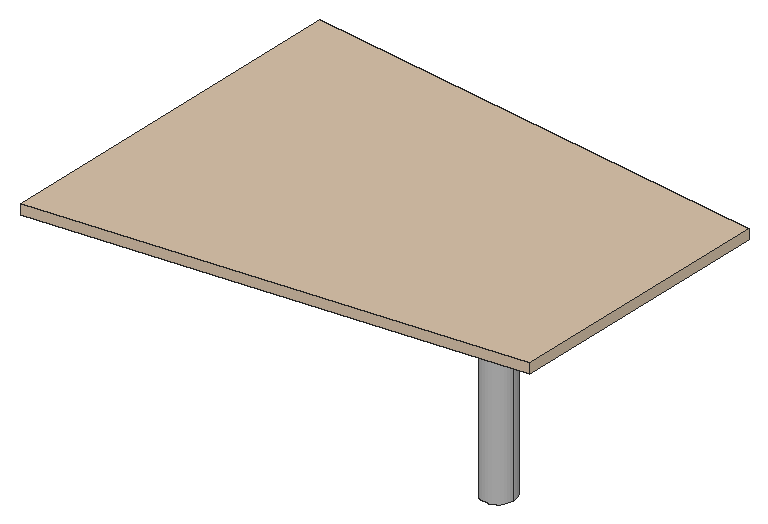
Revit family "Haworth_Masters_Desk_KeystoneFull", category Furniture Systems, Revit 2018
Family settings
  Round Connector Dimension = Use Diameter
  Part Type = Normal
  OmniClass Number = 23.40.70.14.64.21
  OmniClass Title = Systems Furniture
  Work Plane-Based = No
  Always vertical = Yes
  Cut with Voids When Loaded = No
  Shared = No
  Room Calculation Point = No
Parameters (values of type "48d 60w")
  Worksurface Finish = Haworth _ Wood _ White Oak
  Warranty = "http://www.haworth.com/resources/product-info/warranties"
  URL - Product = "http://www.haworth.com/products/desks/freestanding/masters-series"
  Support Position Right = 12"  # constant formula
  Support Position Left = Actual Depth Large / 2  # 24"
  Post Position = 18"  # constant formula
  Support Position = 13"  # constant formula
  Stanchions = yes
  Sustainability Info = "http://www.haworth.com/company-info/sustainablility"
  Support Height = 22 3/4"  # constant formula
  Post Finish = Haworth _ Paint _ Metallic Champagne
  Model = "Haworth - Masters Desk - Keystone - Full"  # constant formula
  Width = 60"
  URL = "www.haworth.com"
  Size = "Verify Final Dim. w/ Haworth"  # constant formula
  Revision Number = "2"  # constant formula
  Min. Width = 60"  # constant formula
  Min. Depth = 42"  # constant formula
  Max. Width = 72"  # constant formula
  Max. Depth = 48"  # constant formula
  Manufacturer = "Haworth"  # constant formula
  Edge Finish = Haworth _ Wood _ White Oak
  Description = "Haworth - Masters Desk - Keystone - Full"  # constant formula
  Depth Small Offset = 6 1/2"  # constant formula
  Depth Large = 48"
  Custom Size = not(and(Width = 60", Depth Large = 48"))  # no
  Column Support = yes
  Author = "Haworth (Hampton)"  # constant formula
  Assembly Code = "E2020200"
  Actual Width = if(Width < Min. Width, Min. Width, if(Width > Max. Width, Max. Width, Width))  # 60"
  Actual Height = 29 1/8"  # constant formula
  Standard Sizes = "48x60 in."  # constant formula
  Actual Depth Large = if(Depth Large < Min. Depth, Min. Depth, if(Depth Large > Max. Depth, Max. Depth, Depth Large))  # 48"
Reference planes (in)
  plane 1 "Back": y = -10
  plane 2: z = 0
  plane 3 "Center": x = 29.0625
  plane 4 "Top": z = 29.125
  plane 5 "Bottom of Top": z = 27.875
  plane 6 "Front": y = -58
  plane 7 "Left Side": x = -0.9375
  plane 8 "Right Side": x = 59.0625
  plane 9 "One High Bottom": z = 22.75
  plane 10 "Stanchion Position Front": y = -46
  plane 11 "Stanchion Position Right": x = 12.0625
  plane 12 "Post Position Left": x = 41.0625
  plane 13 "Post Position": y = -34
  plane 14 "Stanchion Position Back": y = -22
  plane 15 "Depth Small": y = -16.5
  plane 16 "Depth Small Front": y = -51.5
Forms (in)
  Extrusion 1, solid, material "Haworth _ Wood _ White Oak" <- "Worksurface Finish"
    sketch origin (0, 0, 0) x (1, 0, 0) y (0, 1, 0)
      loop
        line (-0.9375, -10) -> (-0.9375, -58) -> (59.0625, -51.5) -> (59.0625, -16.5) -> (-0.9375, -10)
    from 27.875 to 29.125
  Extrusion 2, solid, material "Haworth _ Paint _ Metallic Champagne" <- "Post Finish", visible <- "Stanchions"
    sketch origin (0, 0, 0) x (1, 0, 0) y (0, 1, 0)
      loop
        circle (12.0625, -46) r 2.125
    from 22.75 to 27.875
  Extrusion 3, solid, material "Haworth _ Paint _ Metallic Champagne" <- "Post Finish", visible <- "Stanchions"
    sketch origin (0, 19, 0) x (1, 0, 0) y (0, 1, 0)
      loop
        circle (12.0625, -41) r 2.125
    from 22.75 to 27.875
Lines and regions (in)
  Masking region 1
    outline origin (0, 0, 0) x (1, 0, 0) y (0, 1, 0)
      loop
        line (-0.9375, -10) -> (-0.9375, -58) -> (59.0625, -51.5) -> (59.0625, -16.5) -> (-0.9375, -10)
  symbolic lines, style "Haworth Hidden", visible <- "Stanchions", detail levels fine
    curve 1: circle (12.0625, -22, 0) r 2.125 normal (0, 0, 1)
    curve 2: circle (12.0625, -46, 0) r 2.125 normal (0, 0, 1)
Dimensions and locks (in)
  "Actual Height": plane 4 "Top" to level
  "Actual Depth Large": plane 1 "Back" to plane 6 "Front"
  equal spacing: plane 7 "Left Side", plane 3 "Center", plane 8 "Right Side"
  "Actual Width": plane 7 "Left Side" to plane 8 "Right Side"
  locked: plane 4 "Top" to plane 5 "Bottom of Top" at 1.25
  "Support Height": plane 9 "One High Bottom" to level
  "Post Position": plane 12 "Post Position Left" to plane 8 "Right Side"
  "Support Position": plane 7 "Left Side" to plane 11 "Stanchion Position Right"
  "Depth Small Offset": plane 15 "Depth Small" to plane 1 "Back"
  "Depth Small Offset": plane 16 "Depth Small Front" to plane 6 "Front"
  "Support Position Left": plane 13 "Post Position" to plane 6 "Front"
  "Support Position Right": plane 14 "Stanchion Position Back" to plane 13 "Post Position"
  "Support Position Right": plane 13 "Post Position" to plane 10 "Stanchion Position Front"
  aligned and locked: level to plane 2
  aligned and locked: plane 12 "Post Position Left" to nested 1
  aligned and locked: nested 1 to plane 13 "Post Position"
  aligned and locked: plane 4 "Top" to Extrusion 1
  aligned and locked: Extrusion 1 to plane 5 "Bottom of Top"
  aligned and locked: plane 5 "Bottom of Top" to Extrusion 2
  aligned and locked: Extrusion 2 to plane 9 "One High Bottom"
  aligned and locked: plane 16 "Depth Small Front" to Extrusion 1 sketch curve
Automatic sketch dimensions
  Extrusion 2 sketch curve to plane 10 "Stanchion Position Front" = 0"
  Extrusion 2 sketch curve to plane 11 "Stanchion Position Right" = 0"
  Extrusion 3 sketch curve to plane 11 "Stanchion Position Right" = 0"
  plane 14 "Stanchion Position Back" to Extrusion 3 sketch curve = 0"
  curve 2 to plane 10 "Stanchion Position Front" = 0"
  curve 2 to plane 11 "Stanchion Position Right" = 0"
  curve 1 to plane 11 "Stanchion Position Right" = 0"
  plane 14 "Stanchion Position Back" to curve 1 = 0"
  Masking region 1 sketch curve to plane 6 "Front" = 0"
  Masking region 1 sketch curve to plane 7 "Left Side" = 0"
  Masking region 1 sketch curve to plane 8 "Right Side" = 0"
  Masking region 1 sketch curve to plane 16 "Depth Small Front" = 0"
  Masking region 1 sketch curve to plane 15 "Depth Small" = 0"
  plane 1 "Back" to Masking region 1 sketch curve = 0"
  Extrusion 1 sketch curve to plane 6 "Front" = 0"
  Extrusion 1 sketch curve to plane 7 "Left Side" = 0"
  Extrusion 1 sketch curve to plane 8 "Right Side" = 0"
  Extrusion 1 sketch curve to plane 15 "Depth Small" = 0"
  plane 1 "Back" to Extrusion 1 sketch curve = 0"
  radius of Extrusion 2 sketch curve = 2 1/8"
  radius of Extrusion 3 sketch curve = 2 1/8"
  radius of curve 1 = 2 1/8"
  radius of curve 2 = 2 1/8"
Nested families (in)
  nested 1: "Haworth_Masters-Post_Support" at (41.0625, -39.5, 0), visible <- "Column Support", type "Base"
Definition of nested family "Haworth_Masters-Post_Support"
  Parameters
    Warranty = ""
    URL - Product = ""
    URL = "www.haworth.com"
    OmniClass Number = ""
    Material Options = ""
    Leg Height = 27 7/8"
    Post Finish = none
    Sustainability Info = ""
    Size = "Verify Final Dim. w/ Haworth"  # constant formula
    Revision Number = "1"
    Manufacturer = "Haworth"  # constant formula
    LEED Data = ""
    Author = "Haworth (Hampton)"  # constant formula
    Assembly Code = ""
  Reference planes (in)
    plane 1 "Center F/B": y = 5.5
    plane 2: z = 0
    plane 3 "Center L/R": x = 0
    plane 4 "Table Bottom": z = 27.875
  Forms (in)
    Revolve 1, solid, material <- "Post Finish"
      sketch origin (0, 5.5, 0) x (1, 0, 0) y (0, 0, 1)
        loop
          line (-2.25, 27.875) -> (-2.25, 21.9775) -> (-2.21, 21.9375) -> (-2, 21.9375) -> (-2, 0) -> (0, 0) -> (0, 27.875) -> (-2.25, 27.875)
        axis (0, 27.875) -> (0, 0)
      angle from 0 to 360
  Lines and regions (in)
    symbolic lines, detail levels fine
      curve 1: circle (0, 5.5, 0) r 2 normal (0, 0, 1)
      curve 2: circle (0, 5.5, 0) r 2 normal (0, 0, 1)
  Dimensions and locks (in)
    "Leg Height": plane 4 "Table Bottom" to level
  Automatic sketch dimensions
    curve 1 to curve 2 = 0"  (x2)
    plane 1 "Center F/B" to curve 1 = 0"
    curve 1 to plane 3 "Center L/R" = 0"
    Revolve 1 sketch curve to plane 4 "Table Bottom" = 0"
    Revolve 1 sketch curve to level = 0"
    Revolve 1 sketch curve to plane 3 "Center L/R" = 0"  (x2)
    Revolve 1 sketch curve to plane 3 "Center L/R" = 2"
    Revolve 1 sketch curve to Revolve 1 sketch curve = 0.21"
    Revolve 1 sketch curve to Revolve 1 sketch curve = 2 1/4"
    Revolve 1 sketch curve to level = 11 7/16"
    Revolve 1 sketch curve to plane 4 "Table Bottom" = 5 15/16"
    Revolve 1 sketch curve to Revolve 1 sketch curve = 0.04"
    Revolve 1 sketch curve to Revolve 1 sketch curve = 2 3/4"
    radius of curve 1 = 2"
    radius of curve 2 = 2"
